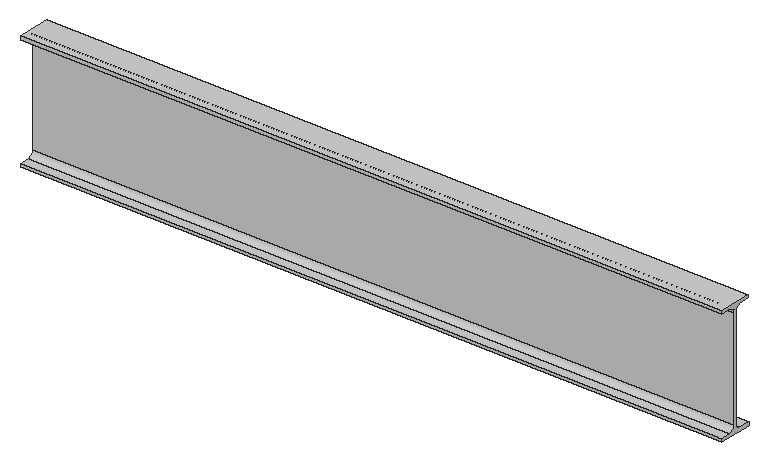
Revit family "1d2fd643a59f42199e50d9294f290c25", category Structural Framing, Revit 2021
Family settings
  Structural Framing Length Roundoff = 0' - 0"
  Section Shape = I-shape Parallel Flange
  Material for Model Behavior = Steel
  Always export as geometry = No
  Family Name Key = M Shapes
  Code Name = AISC 14.1
  OmniClass Number = 23.25.30.11.14.14
  OmniClass Title = Beams
  Seek Item ID = M-Miscellaneous Wide Flange-0000-USA-ENU
  Always vertical = Yes
  Cut with Voids When Loaded = No
  Symbolic Representation = From Project Settings
  Shared = No
  Show family pre-cut in plan views = Yes
Parameters (values of type "M8X6.5")
  Width = 0' - 2.28"
  Web Thickness = 0' - 0.135"
  Web Fillet = 0.3735"
  Warping Constant = 5.73 in⁶
  Torsional Moment of Inertia = 0.0184 in⁴
  Structural Material [instance] = Steel ASTM A36
  Section Name Key = ""
  Section Area = 1.920 in²
  Principal Axes Angle = 0.00°
  Plastic Modulus weak axis = 0.529 in³
  Plastic Modulus strong axis = 5.430 in³
  Nominal Weight = 6.50 lbf/ft
  Moment of Inertia weak axis = 0.3760 in⁴
  Moment of Inertia strong axis = 18.5000 in⁴
  Height = 0' - 8"
  Flange Thickness = 0.189"
  Elastic Modulus weak axis = 0.329 in³
  Elastic Modulus strong axis = 4.630 in³
  Centroid Vertical = Height / 2  # 4.000"
  Centroid Horizontal = Width / 2  # 1.140"
  Bolt Spacing = 0' - 0"
  Assembly Code = "B10"
  Length [instance] = 5' - 0"
Types (2): name | Width | Web Thickness | Web Fillet | Warping Constant | Torsional Moment of Inertia | Section Area | Plastic Modulus weak axis | Plastic Modulus strong axis | Nominal Weight | Moment of Inertia weak axis | Moment of Inertia strong axis | Height | Flange Thickness | Elastic Modulus weak axis | Elastic Modulus strong axis | Centroid Vertical | Centroid Horizontal
  M12X10.8 | 0' - 3.07" | 0' - 0.16" | 0.3525" | 35.00 in⁶ | 0.0393 in⁴ | 3.180 in² | 1.070 in³ | 13.200 in³ | 10.80 lbf/ft | 1.0100 in⁴ | 66.7000 in⁴ | 0' - 11.79" | 0.210" | 0.661 in³ | 11.100 in³ | 5.895" | 1.535"
  M8X6.5 | 0' - 2.28" | 0' - 0.135" | 0.3735" | 5.73 in⁶ | 0.0184 in⁴ | 1.920 in² | 0.529 in³ | 5.430 in³ | 6.50 lbf/ft | 0.3760 in⁴ | 18.5000 in⁴ | 0' - 8" | 0.189" | 0.329 in³ | 4.630 in³ | 4.000" | 1.140"
Reference planes (in)
  plane 1 "Center (Front/Back)": y = -0.00016
  plane 2: z = 0.00343
  plane 3 "Center (Left/Right)": x = 0.1815
  plane 4 "Member Left": x = -23.8185
  plane 5 "Member Right": x = 24.1815
  plane 6: y = 1.13984
  plane 7: y = -1.14016
  plane 8 "Top": z = 4.00343
  plane 9: z = -3.99657
  plane 10 "Left": x = -29.8185
  plane 11 "Right": x = 30.1815
Forms (in)
  Sweep 1, solid, material "Steel ASTM A36" <- "Structural Material", detail levels fine
    path origin (0, 0, 0.00343) x (1, 0, 0) y (0, 1, 0)
      loop
        line (24.1815, -0.00016) -> (-23.8185, -0.00016)
    profile "Wide Flange-Profile-Fine : Wide Flange-Profile-Fine" origin (0.1815, -0.00016, 0.00343) x (0, -1, 0) y (0, 0, 1)
      loop
        line (-1.14, -4) -> (1.14, -4) -> (1.14, -3.811) -> (0.441, -3.811)
        arc (0.441, -3.811) -> (0.1769, -3.7016) -> (0.0675, -3.4375) r 0.3735
        line (0.0675, -3.4375) -> (0.0675, 3.4375)
        arc (0.0675, 3.4375) -> (0.1769, 3.7016) -> (0.441, 3.811) r 0.3735
        line (0.441, 3.811) -> (1.14, 3.811) -> (1.14, 4) -> (-1.14, 4) -> (-1.14, 3.811) -> (-0.441, 3.811)
        arc (-0.441, 3.811) -> (-0.1769, 3.7016) -> (-0.0675, 3.4375) r 0.3735
        line (-0.0675, 3.4375) -> (-0.0675, -3.4375)
        arc (-0.0675, -3.4375) -> (-0.1769, -3.7016) -> (-0.441, -3.811) r 0.3735
        line (-0.441, -3.811) -> (-1.14, -3.811) -> (-1.14, -4)
  Sweep 2, solid, material "Steel ASTM A36" <- "Structural Material", detail levels medium
    path origin (0, 0, 0.00343) x (1, 0, 0) y (0, 1, 0)
      loop
        line (24.1815, -0.00016) -> (-23.8185, -0.00016)
    profile "Wide Flange-Profile-Medium : Wide Flange-Profile-Medium" origin (0.1815, -0.00016, 0.00343) x (0, -1, 0) y (0, 0, 1)
      loop
        line (-1.14, -4) -> (1.14, -4) -> (1.14, -3.811) -> (0.0675, -3.811) -> (0.0675, 3.811) -> (1.14, 3.811) -> (1.14, 4) -> (-1.14, 4) -> (-1.14, 3.811) -> (-0.0675, 3.811) -> (-0.0675, -3.811) -> (-1.14, -3.811) -> (-1.14, -4)
Lines and regions (in)
  symbolic lines, style "Hidden Faces", detail levels medium+fine
    curve 1: line (24.1815, -0.06766, 0.00343) -> (-23.8185, -0.06766, 0.00343)
    curve 2: line (24.1815, 0.06734, 0.00343) -> (-23.8185, 0.06734, 0.00343)
  symbolic lines, style "Stick Symbols", detail levels coarse
    curve 3: line (0.1815, 1.13984, 4.00343) -> (0.1815, -1.14016, 4.00343)
    curve 4: line (0.1815, -1.14016, -3.99657) -> (0.1815, 1.13984, -3.99657)
    curve 5: line (0.1815, -0.00016, 4.00343) -> (0.1815, -0.00016, -3.99657)
Dimensions and locks (in)
  "Width": plane 6 to plane 7
  "Height": plane 9 to plane 8 "Top"
  equal spacing: plane 9, plane 2, plane 8 "Top"
  equal spacing: plane 6, plane 1 "Center (Front/Back)", plane 7
  "Length": plane 10 "Left" to plane 11 "Right"
  equal spacing: curve 2, plane 1 "Center (Front/Back)", curve 1
  "Web Thickness": curve 2 to curve 1
  aligned and locked: Sweep 1 sketch curve to plane 1 "Center (Front/Back)"
  aligned and locked: Sweep 2 sketch curve to plane 1 "Center (Front/Back)"
  aligned and locked: Sweep 2 to curve 3  (x2)
  aligned and locked: Sweep 2 to curve 4  (x2)
  aligned and locked: curve 3 to Sweep 2
  aligned and locked: curve 4 to Sweep 2
  aligned and locked: plane 4 "Member Left" to Sweep 2 sketch curve
  aligned and locked: plane 5 "Member Right" to Sweep 2 sketch curve
  aligned and locked: plane 4 "Member Left" to Sweep 1 sketch curve
  aligned and locked: plane 5 "Member Right" to Sweep 1 sketch curve
  aligned and locked: plane 4 "Member Left" to curve 2
  aligned and locked: plane 4 "Member Left" to curve 1
  aligned and locked: plane 5 "Member Right" to curve 2
  aligned and locked: plane 5 "Member Right" to curve 1
  aligned and locked: plane 2 to level
  aligned and locked: curve 5 to plane 1 "Center (Front/Back)"
